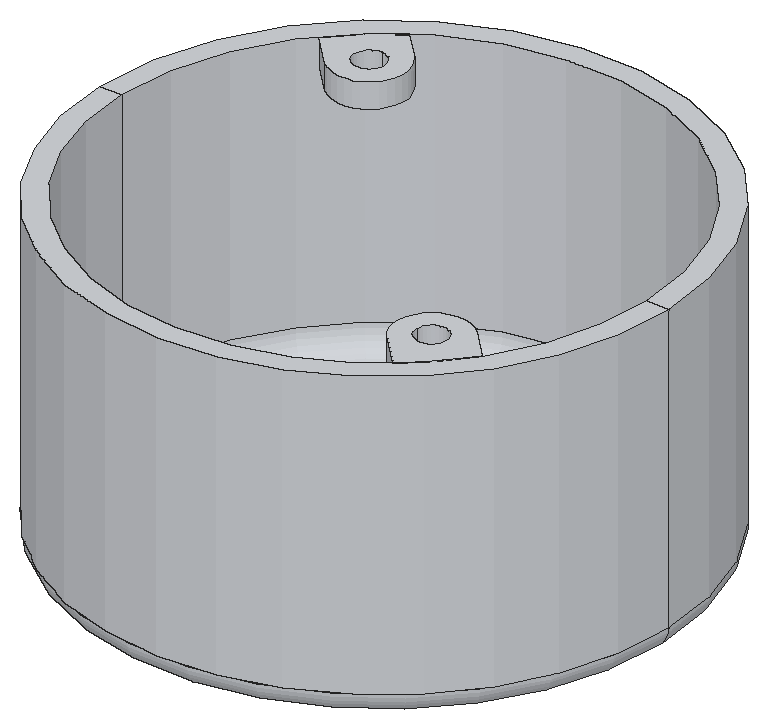
Revit family "LP4B", category Generic Models, Revit 2017
Family settings
  Can host rebar = No
  Round Connector Dimension = Use Diameter
  Part Type = Normal
  Work Plane-Based = Yes
  Always vertical = No
  Cut with Voids When Loaded = No
  Shared = No
  Room Calculation Point = No
Parameters (values of type "NBS Standard Parameters")
  Weight = "0.12Kg"
  WarrantyStartDate [instance] = "1900-12-31T23:59:59"
  WarrantyGuarantorParts = "n/a"
  WarrantyGuarantorLabor = "n/a"
  WarrantyDurationUnit = "1 year"
  WarrantyDurationParts = "n/a"
  WarrantyDurationLabor = "n/a"
  WarrantyDescription = "n/a"
  Version = "1"
  Uniclass2 = "Pr_65_70_11_20"
  TagNumber [instance] = "n/a"
  SustainabilityPerformance = "n/a"
  Size = "4 HOLE"
  Shape = "Circular"
  SerialNumber [instance] = "n/a"
  Revision = "n/a"
  ReplacementCost = "n/a"
  ProductInformation = "www.metpro.co.uk/pdf/Lp4g.pdf"
  NominalWidth = 66 mm
  NominalLength = 66 mm
  NominalHeight = 32.5 mm
  Name = ""
  NBSTypeID = ""
  NBSReference = "90-55-10/460"
  NBSOfficeMasterTag = ""
  NBSNote = ""
  NBSDescription = "Conduit Fittings"
  NBSCertification = ""
  ModelReference = "LP4B"
  ModelNumber = "n/a"
  Material = "MILD STEEL"
  ManufacturerURL = "www.metpro.co.uk"
  ManufacturerName = "Metpro Ltd"
  Keynote = "Compliant to LU  Standard 1-085"
  InstallationDate [instance] = "1900-12-31T23:59:59"
  IfcExportType = ""
  IfcExportAs = ""
  Grade = "n/a"
  Finish = "BLACK"
  Features = "n/a"
  ExpectedLife = "n/a"
  DurationUnit = "year"
  Description = "LP4B  Four Hole Knockout Loopin Box"
  Default Elevation = 1219.2 mm
  Constituents = "n/a"
  Color = "n/a"
  CodePerformance = "n/a"
  Category = "n/a"
  BarCode [instance] = "n/a"
  BIMObjectName = "Metpro_Metprolibrary_Conduitfittings_Metalcomponent_Steelaccessories"
  Author = "Metpro Ltd"
  AssetType = ""
  AssetIdentifier [instance] = "n/a"
  AccessibilityPerformance = "n/a"
Reference planes
  plane 1 "Center (Front/Back)": y = 0
  plane 2: z = 0
  plane 3 "Center (Left/Right)": x = 0
Forms (mm)
  Revolve 1, solid
    sketch origin (155.469, 918.203, 707.693) x (1, 0, 0) y (0, 0, 1)
      loop
        line (-32.5, 45.041) -> (-32.5, 12.5)
        arc (-32.5, 12.5) -> (-31.768, 10.732) -> (-30, 10) r 2.5
        line (-30, 10) -> (0, 10) -> (0, 12.541) -> (-27, 12.541)
        arc (-27, 12.541) -> (-29.121, 13.42) -> (-30, 15.541) r 3
        line (-30, 15.541) -> (-30, 45.041) -> (-32.5, 45.041)
      axis (0, 10) -> (0, 45.041)
    angle from 0 to 360
  Extrusion 2, solid
    sketch origin (155.469, 918.203, 752.734) x (0, 1, 0) y (-1, 0, 0)
      loop
        arc (-13.805, -21.577) -> (-13.887, -16.02) -> (-19.441, -15.821) r 4.033
        line (-19.441, -15.821) -> (-22.946, -19.326)
        arc (-22.946, -19.326) -> (-20.14, -22.235) -> (-16.968, -24.74) r 30
        line (-16.968, -24.74) -> (-13.805, -21.577)
      loop
        circle (-16.769, -18.842) r 1.752
      loop
        line (21.577, 13.805) -> (24.74, 16.968)
        arc (24.74, 16.968) -> (22.235, 20.14) -> (19.326, 22.946) r 30
        line (19.326, 22.946) -> (15.821, 19.441)
        arc (15.821, 19.441) -> (16.02, 13.887) -> (21.577, 13.805) r 4.033
      loop
        circle (18.842, 16.769) r 1.752
    from -2.782 to 0
  Extrusion 3, void
    sketch origin (155.469, 918.203, 717.693) x (1, 0, 0) y (0, 1, 0)
      loop
        circle (-12.035, -11.875) r 10
      loop
        circle (12.035, -11.875) r 10
      loop
        circle (-12.035, 11.875) r 10
      loop
        circle (12.035, 11.875) r 10
      loop
        circle (12.035, -11.875) r 9.713
      loop
        circle (-12.035, -11.875) r 9.7
      loop
        circle (12.035, 11.875) r 9.7
      loop
        circle (-12.035, 11.875) r 9.7
    from 0 to 6.496
Cuts and joins
  Extrusion 3 cuts Revolve 1
Dimensions and locks
  aligned and locked: level to plane 2
